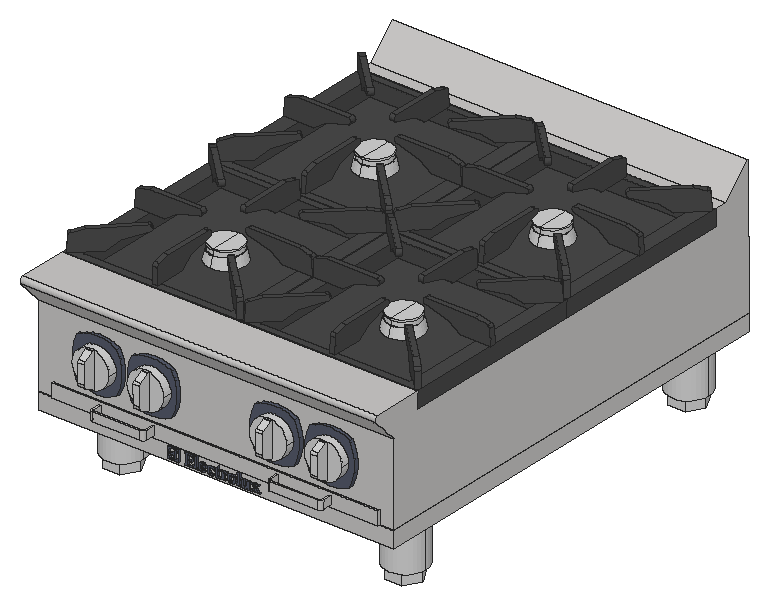
Revit family "QF_ELECTROLUXPROFESSIONAL_169131_ACG24T", category Specialty Equipment, Revit 2018 (continued)
Lines and regions (in)
  symbolic lines
    curve 129: line (23.9719, -27.62978, 0) -> (20.87497, -24.53285, 0)
    curve 130: line (20.63834, -24.76948, 0) -> (23.73527, -27.86641, 0)
    curve 131: line (23.9719, -27.62978, 0) -> (23.73527, -27.86641, 0)
    curve 132: line (18.16732, -27.62803, 0) -> (18.16732, -23.25938, 0)
    curve 133: line (18.16732, -26.64862, 0) -> (17.83268, -26.64862, 0)
    curve 134: line (17.83268, -23.25938, 0) -> (17.83268, -27.62803, 0)
    curve 135: line (18.16732, -27.62803, 0) -> (17.83268, -27.62803, 0)
    curve 136: line (12.26473, -27.86641, 0) -> (15.37409, -24.75704, 0)
    curve 137: line (15.13746, -24.52041, 0) -> (12.0281, -27.62978, 0)
    curve 138: line (12.95728, -27.17386, 0) -> (12.72065, -26.93723, 0)
    curve 139: line (12.26473, -27.86641, 0) -> (12.0281, -27.62978, 0)
    curve 140: line (12.01256, -21.78279, 0) -> (16.37462, -21.78279, 0)
    curve 141: line (16.37462, -21.44815, 0) -> (12.01256, -21.44815, 0)
    curve 142: line (12.96685, -21.78279, 0) -> (12.96685, -21.44815, 0)
    curve 143: arc (19.62845, -21.44815, 0) -> (19.46113, -21.61547, 0) -> (19.62845, -21.78279, 0) r 0.16732
    curve 144: arc (20.6342, -18.4656, 0) -> (20.6342, -18.70223, 0) -> (20.87083, -18.70223, 0) r 0.16732
    curve 145: arc (17.83268, -19.98486, 0) -> (18, -20.15219, 0) -> (18.16732, -19.98486, 0) r 0.16732
    curve 146: arc (15.12681, -18.69988, 0) -> (15.36344, -18.69988, 0) -> (15.36344, -18.46325, 0) r 0.16732
    curve 147: arc (16.37462, -21.78279, 0) -> (16.54194, -21.61547, 0) -> (16.37462, -21.44815, 0) r 0.16732
    curve 148: arc (15.37409, -24.75704, 0) -> (15.37409, -24.52041, 0) -> (15.13746, -24.52041, 0) r 0.16732
    curve 149: arc (18.16732, -23.25938, 0) -> (18, -23.09206, 0) -> (17.83268, -23.25938, 0) r 0.16732
    curve 150: arc (20.87497, -24.53285, 0) -> (20.63834, -24.53285, 0) -> (20.63834, -24.76948, 0) r 0.16732
    curve 151: line (13.00352, -15.83627, 0) -> (13.00352, -16.10333, 0)
    curve 152: line (13.00352, -15.83627, 0) -> (17.83268, -15.83627, 0)
    curve 153: line (23.02362, -15.83627, 0) -> (18.16732, -15.83627, 0)
    curve 154: line (23.02362, -15.83627, 0) -> (23.02362, -16.07618, 0)
    curve 155: line (23.02362, -16.54944, 0) -> (23.02362, -21.44815, 0)
    curve 156: line (23.02362, -21.78279, 0) -> (23.02362, -26.6815, 0)
    curve 157: line (23.02362, -27.19296, 0) -> (23.02362, -27.39926, 0)
    curve 158: line (23.02362, -27.39926, 0) -> (18.16732, -27.39926, 0)
    curve 159: line (13.00352, -27.39926, 0) -> (17.83268, -27.39926, 0)
    curve 160: line (13.00352, -27.39926, 0) -> (13.00352, -27.12761, 0)
    curve 161: line (13.00352, -26.65435, 0) -> (13.00352, -21.78279, 0)
    curve 162: line (13.00352, -21.44815, 0) -> (13.00352, -16.57659, 0)
    curve 163: line (15.36344, -5.89421, 0) -> (12.26473, -2.7955, 0)
    curve 164: line (12.0281, -3.03213, 0) -> (15.12681, -6.13084, 0)
    curve 165: line (12.72065, -3.72468, 0) -> (12.95728, -3.48805, 0)
    curve 166: line (12.0281, -3.03213, 0) -> (12.26473, -2.7955, 0)
    curve 167: line (17.83268, -4.01328, 0) -> (18.16732, -4.01328, 0)
    curve 168: line (17.83268, -3.03387, 0) -> (18.16732, -3.03387, 0)
    curve 169: line (18.16732, -7.41582, 0) -> (18.16732, -3.03387, 0)
    curve 170: line (17.83268, -3.03387, 0) -> (17.83268, -7.41582, 0)
    curve 171: line (23.73527, -2.7955, 0) -> (20.6342, -5.89656, 0)
    curve 172: line (23.04272, -3.48805, 0) -> (23.27935, -3.72468, 0)
    curve 173: line (23.73527, -2.7955, 0) -> (23.9719, -3.03213, 0)
    curve 174: line (20.87083, -6.1332, 0) -> (23.9719, -3.03213, 0)
    curve 175: line (24.01256, -8.87911, 0) -> (19.62845, -8.87911, 0)
    curve 176: line (19.62845, -9.21376, 0) -> (24.01256, -9.21376, 0)
    curve 177: line (23.03315, -8.87911, 0) -> (23.03315, -9.21376, 0)
    curve 178: line (23.27935, -14.36819, 0) -> (23.04272, -14.60482, 0)
    curve 179: line (23.9719, -15.06074, 0) -> (20.87497, -11.96381, 0)
    curve 180: line (20.63834, -12.20044, 0) -> (23.73527, -15.29737, 0)
    curve 181: line (23.9719, -15.06074, 0) -> (23.73527, -15.29737, 0)
    curve 182: line (18.16732, -15.059, 0) -> (18.16732, -10.69035, 0)
    curve 183: line (18.16732, -14.07958, 0) -> (17.83268, -14.07958, 0)
    curve 184: line (17.83268, -10.69035, 0) -> (17.83268, -15.059, 0)
    curve 185: line (18.16732, -15.059, 0) -> (17.83268, -15.059, 0)
    curve 186: line (12.25601, -15.30609, 0) -> (15.37409, -12.18801, 0)
    curve 187: line (15.13746, -11.95137, 0) -> (12.0281, -15.06074, 0)
    curve 188: line (12.95728, -14.60482, 0) -> (12.72065, -14.36819, 0)
    curve 189: line (12.27345, -15.30609, 0) -> (12.0281, -15.06074, 0)
    curve 190: line (12.01256, -9.21376, 0) -> (16.37462, -9.21376, 0)
    curve 191: line (16.37462, -8.87911, 0) -> (12.01256, -8.87911, 0)
    curve 192: line (12.96685, -9.21376, 0) -> (12.96685, -8.87911, 0)
    curve 193: arc (19.62845, -8.87911, 0) -> (19.46113, -9.04643, 0) -> (19.62845, -9.21376, 0) r 0.16732
    curve 194: arc (20.6342, -5.89656, 0) -> (20.6342, -6.1332, 0) -> (20.87083, -6.1332, 0) r 0.16732
    curve 195: arc (17.83268, -7.41582, 0) -> (18, -7.58315, 0) -> (18.16732, -7.41582, 0) r 0.16732
    curve 196: arc (15.12681, -6.13084, 0) -> (15.36344, -6.13084, 0) -> (15.36344, -5.89421, 0) r 0.16732
    curve 197: arc (16.37462, -9.21376, 0) -> (16.54194, -9.04643, 0) -> (16.37462, -8.87911, 0) r 0.16732
    curve 198: arc (15.37409, -12.18801, 0) -> (15.37409, -11.95137, 0) -> (15.13746, -11.95137, 0) r 0.16732
    curve 199: arc (18.16732, -10.69035, 0) -> (18, -10.52302, 0) -> (17.83268, -10.69035, 0) r 0.16732
    curve 200: arc (20.87497, -11.96381, 0) -> (20.63834, -11.96381, 0) -> (20.63834, -12.20044, 0) r 0.16732
    curve 201: line (13.00352, -3.26724, 0) -> (13.00352, -3.53429, 0)
    curve 202: line (13.00352, -3.26724, 0) -> (17.83268, -3.26724, 0)
    curve 203: line (23.02362, -3.26724, 0) -> (18.16732, -3.26724, 0)
    curve 204: line (23.02362, -3.26724, 0) -> (23.02362, -3.50715, 0)
    curve 205: line (23.02362, -3.98041, 0) -> (23.02362, -8.87911, 0)
    curve 206: line (23.02362, -9.21376, 0) -> (23.02362, -14.11246, 0)
    curve 207: line (23.02362, -14.58572, 0) -> (23.02362, -14.83023, 0)
    curve 208: line (23.02362, -14.83023, 0) -> (18.16732, -14.83023, 0)
    curve 209: line (13.00352, -14.83023, 0) -> (17.83268, -14.83023, 0)
    curve 210: line (13.00352, -14.83023, 0) -> (13.00352, -14.55858, 0)
    curve 211: line (13.00352, -14.08531, 0) -> (13.00352, -9.21376, 0)
    curve 212: line (13.00352, -8.87911, 0) -> (13.00352, -4.00755, 0)
    curve 213: line (1.3125, 1, 0) -> (2.0625, 1, 0)
    curve 214: line (2.0625, 1, 0) -> (2.0625, 0, 0)
    curve 215: line (1.3125, 1, 0) -> (1.3125, 0, 0)
  symbolic lines, style "QF-Clearances", visible <- "Show Clearance", detail levels coarse
    curve 110: line (-10, 4, 0) -> (34, 4, 0)
    curve 111: line (-10, 4, 0) -> (-10, -31.49658, 0)
    curve 112: line (34, -31.49658, 0) -> (34, 4, 0)
Dimensions and locks (in)
  plane 3 "LEFT" to plane 4 "RIGHT" = 24"
  locked: plane 5 "FRONT" to plane 1 "BACK" at 31.49658
  plane 6 "TOP" to level = 14 5/8"
  Extrusion 36 to plane 3 "LEFT" to plane 4 "RIGHT" to Extrusion 36 = 10", 24", 10"
  plane 6 "TOP" to Extrusion 1 = 1.74913"
  Extrusion 35 to level = 7 9/16"
  Extrusion 1 to level = 4 3/16"
  Extrusion 1 to Extrusion 1 = 8.68837"
  Extrusion 2 to plane 5 "FRONT" = 5 5/8"
  plane 1 "BACK" to Extrusion 4 = 1 15/16"
  plane 1 "BACK" to plane 5 "FRONT" = 31.49658"
  aligned and locked: level to plane 2
  aligned and locked: plane 4 "RIGHT" to Extrusion 1
Connectors (in)
  piping at (1.6875, 1, 7.5625), diameter 0.75
    settings: on Extrusion 35, index 1, connector inside diameter 3/4", connector length 0", flow factor 0, pipe flow 0 GPM, pressure drop 0.00 psi, fitting loss kfactor 0, connector angle 0.00°, fixture units 0, engagement length 0", angle of deflection 0.00°, flow configuration 1, flow direction 1, fitting loss method 0, system type 7, joint type 0, gender type 0, connector reference index -1, connector utility 0, adjustable connector no, is connector primary yes, connector description "Gas Connection"
